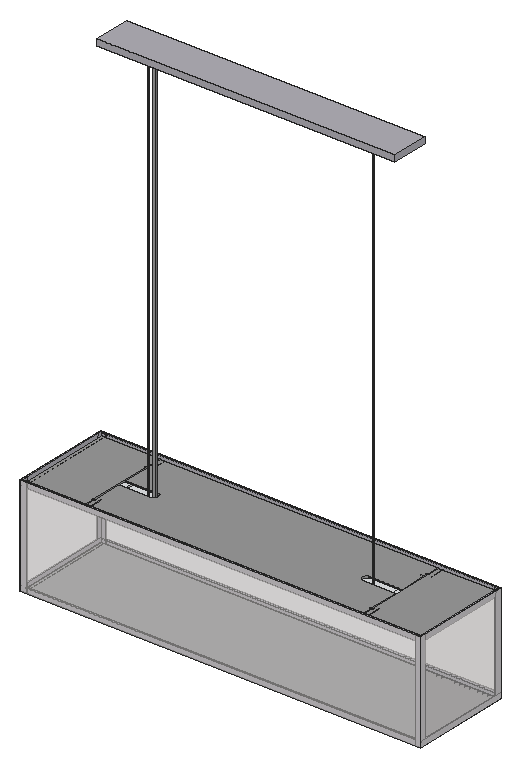
Revit family "Lighting - Lumetta - Pendant - P1248-P1244", category Lighting Fixtures, host Ceiling, Revit 2015
Parameters
  Wattage = 12.1178 W
  built-in parameter 1150110 = 1 (stored number, unit not read)
  URL = ""
  built-in parameter 1114217 = 1 (stored number, unit not read)
  Top Lens-Material [instance] = Acrylic - 2447 - White
  Top Lens [instance] = yes
  built-in parameter 1150109 = 1 (stored number, unit not read)
  built-in parameter 1150134 = (empty or 0)
  Suspension [instance] = 1
  built-in parameter 1150113 = 1 (stored number, unit not read)
  P1248 URL [instance] = "https://lumetta.com/luminaires/streamline-simple-48-pendant/"
  P1244 URL [instance] = "https://lumetta.com/luminaires/streamline-48-pendant/"
  P1248 (Check for wrap - P1244) [instance] = no
  Model = "P1248-P1244"  # constant formula
  Manufacturer = "Lumetta, Inc."  # constant formula
  Lumens = 1800 lm
  built-in parameter 1150115 = 1 (stored number, unit not read)
  built-in parameter 1150105 = 143.24 (stored number, unit not read)
  Light Source Symbol Size = 0' - 1"
  built-in parameter 1150137 = (empty or 0)
  built-in parameter 1150139 = (empty or 0)
  built-in parameter 1150112 = 1 (stored number, unit not read)
  built-in parameter 1150114 = 1 (stored number, unit not read)
  built-in parameter 1150132 = 2
  built-in parameter 1150102 = (empty or 0)
  built-in parameter 1150138 = (empty or 0)
  built-in parameter 1150107 = 3000 (stored number, unit not read)
  built-in parameter 1150106 = 1.4324 (stored number, unit not read)
  Frame Finish [instance] = Paint - Lumetta - F02 - PC_Chrome
  Fixture Drop [instance] = 4' - 0"
  Emit from Line Length = 2' - 10"
  built-in parameter 1150104 = 13.8 (stored number, unit not read)
  Dimming Lamp Color Temperature Shift = (empty or 0)
  Diffuser Material [instance] = Shade - Lumetta - D61 - MT_White
  Description = "Streamline 48'' Pendants"  # constant formula
  Coupling-Stems over 60 inches [instance] = and([2 Stems], Fixture Drop > 5' 0")  # no
  Cord Color [instance] = Cord, Black
  Cone Nut-STD-2-3Wire [instance] = Suspension = 1  # yes
  Color Filter = 16777215
  Bushing-LED-4Wire [instance] = Suspension = 2  # no
  Bottom Lens-Material [instance] = Acrylic - P95 - Etched White
  Bottom Lens [instance] = yes
  built-in parameter 1114218 = 1 (stored number, unit not read)
  built-in parameter 1150133 = 10 (stored number, unit not read)
  2 Stems [instance] = Suspension = 3  # no
  1CRD-2CBL-LED-4Wire [instance] = or(Suspension = 1, Suspension = 2)  # yes
  1 CRD-2CBL-STD [instance] = or(Suspension = 1, Suspension = 2)  # yes
Reference planes (in)
  plane 1 "Light Source Axis (F/B)": y = 0
  plane 2 "Ceiling": z = 96.01773
  plane 3 "Light Source Axis (L/R)": x = 0
  plane 4 "Light Source Elevation": z = 45.39273
  plane 5 "Fixture-Top": z = 48.01773
  plane 6 "Fixture-Height-DIFF-DIFI": z = 36.01773
  plane 7 "Left-Wrap": x = -14.25
  plane 8 "Right-Wrap": x = 14.25
  plane 9 "Lamping Start": z = 47.38052
  plane 10 "Left Stem": x = -14.25
  plane 11 "Right Stem": x = 14.25
  plane 12: x = -12.75
  plane 13: x = 12.75
  plane 14 "Right XBar": x = 16.6875
  plane 15 "Left XBar": x = -16.6875
  plane 16 "Left Cable": x = -13.5
  plane 17 "Right Cable": x = 13.5
  plane 18 "Frame Length-Left": x = -24
  plane 19 "Frame Length-Right": x = 24
  plane 20 "Frame Width-TOP": y = 6
  plane 21 "Frame Width-BTM": y = -6
  plane 22 "Outer Frame-Left": x = -42
  plane 23 "Outer Frame-Right": x = 42
  plane 24 "Outer Frame-Top": y = 18
  plane 25 "Outer Frame-BTM": y = -18
  plane 26 "Fixture-Height-DIFO": z = 37.01773
Forms (in)
  Extrusion 1, solid, material "Paint - Lumetta - F02 - PC_Chrome" <- "Frame Finish"
    sketch origin (0, 0, 96.01773) x (1, 0, 0) y (0, 1, 0)
      loop
        line (-17.875, -2.25) -> (17.875, -2.25) -> (17.875, 2.25) -> (-17.875, 2.25) -> (-17.875, -2.25)
    from 0 to -0.75
  Extrusion 2, solid, material "Paint - Lumetta - F02 - PC_Chrome" <- "Frame Finish"
    sketch origin (0, 0, 48.01773) x (0, -1, 0) y (1, 0, 0)
      loop
        line (-6, -24) -> (6, -24) -> (6, 24) -> (-6, 24) -> (-6, -24)
      loop
        line (-5.5, -23.5) -> (5.5, -23.5) -> (5.5, 23.5) -> (-5.5, 23.5) -> (-5.5, -23.5)
    from 0 to -0.63721
  Extrusion 3, void
    sketch origin (0, 0, 48.01773) x (0, -1, 0) y (1, 0, 0)
      loop
        line (-5.875, -23.875) -> (5.875, -23.875) -> (5.875, 23.875) -> (-5.875, 23.875) -> (-5.875, -23.875)
      loop
        line (-5.5, -23.375) -> (5.5, -23.375) -> (5.5, 23.375) -> (-5.5, 23.375) -> (-5.5, -23.375)
    from 0 to -0.51221
  Extrusion 4, solid, material "Paint - Lumetta - F02 - PC_Chrome" <- "Frame Finish"
    sketch origin (0, 0, 36.01773) x (-1, 0, 0) y (0, -1, 0)
      loop
        line (24, -6) -> (24, 6) -> (-24, 6) -> (-24, -6) -> (24, -6)
      loop
        line (23.5, -5.5) -> (23.5, 5.5) -> (-23.5, 5.5) -> (-23.5, -5.5) -> (23.5, -5.5)
    from 0 to 0.61415
  Extrusion 5, void
    sketch origin (0, 0, 36.01773) x (-1, 0, 0) y (0, -1, 0)
      loop
        line (23.875, -5.875) -> (23.875, 5.875) -> (-23.875, 5.875) -> (-23.875, -5.875) -> (23.875, -5.875)
      loop
        line (23.375, -5.5) -> (23.375, 5.5) -> (-23.5, 5.5) -> (-23.5, -5.5) -> (23.375, -5.5)
    from 0.11313 to 0.64163
  Extrusion 6, solid, material "Paint - Lumetta - F02 - PC_Chrome" <- "Frame Finish"
    sketch origin (0, 0, 36.01773) x (0, -1, 0) y (1, 0, 0)
      loop
        line (-6, 24) -> (-6, 23.375) -> (-5.875, 23.375) -> (-5.875, 23.875) -> (-5.375, 23.875) -> (-5.375, 24) -> (-6, 24)
      loop
        line (-6, -24) -> (-5.375, -24) -> (-5.375, -23.875) -> (-5.875, -23.875) -> (-5.875, -23.375) -> (-6, -23.375) -> (-6, -24)
      loop
        line (6, -24) -> (6, -23.375) -> (5.875, -23.375) -> (5.875, -23.875) -> (5.375, -23.875) -> (5.375, -24) -> (6, -24)
      loop
        line (6, 24) -> (5.375, 24) -> (5.375, 23.875) -> (5.875, 23.875) -> (5.875, 23.375) -> (6, 23.375) -> (6, 24)
    from 0 to 12
  Extrusion 7, solid, material "Paint - Lumetta - F02 - PC_Chrome" <- "Frame Finish"
    sketch origin (0, 0, 48.01773) x (0, -1, 0) y (1, 0, 0)
      loop
        line (-3.7499, -17.1875) -> (-3.7499, -16.1875) -> (-5.9219, -16.1875) -> (-5.9219, -17.1875) -> (-3.7499, -17.1875)
      loop
        line (-3.7499, 17.1875) -> (-5.9219, 17.1875) -> (-5.9219, 16.1875) -> (-3.7499, 16.1875) -> (-3.7499, 17.1875)
      loop
        circle (-4.2499, -16.6875) r 0.10889
      loop
        circle (-4.2499, 16.6875) r 0.10785
      loop
        line (3.7499, -17.1875) -> (5.9219, -17.1875) -> (5.9219, -16.1875) -> (3.7499, -16.1875) -> (3.7499, -17.1875)
      loop
        line (3.7499, 17.1875) -> (3.7499, 16.1875) -> (5.9219, 16.1875) -> (5.9219, 17.1875) -> (3.7499, 17.1875)
      loop
        circle (4.2499, -16.6875) r 0.10889
      loop
        circle (4.2499, 16.6875) r 0.10785
    from -0.4375 to -0.5
  Extrusion 8, solid, material "Paint - Lumetta - F02 - PC_Chrome" <- "Frame Finish"
    sketch origin (0, 0, 96.01773) x (1, 0, 0) y (0, 1, 0)
      loop
        circle (-10, 0) r 0.31122
      loop
        circle (10, 0) r 0.31356
    from -0.8125 to -1.1875
  Extrusion 9, solid, material "Paint - Lumetta - F02 - PC_Chrome" <- "Frame Finish", visible <- "2 Stems"
    sketch origin (18, 0.5, 96.01773) x (1, 0, 0) y (0, 1, 0)
      loop
        line (-36, -2.875) -> (0, -2.875) -> (0, 1.875) -> (-36, 1.875) -> (-36, -2.875)
    from -0.8125 to -0.75
  Revolve 10, solid, material "Paint - Lumetta - F02 - PC_Chrome" <- "Frame Finish", visible <- "Cone Nut-STD-2-3Wire"
    sketch origin (0, 0, 0) x (1, 0, 0) y (0, 0, 1)
      loop
        line (-12.75, 95.20523) -> (-12.75, 94.70523) -> (-12.46878, 94.70523) -> (-12.37659, 95.20523) -> (-12.75, 95.20523)
      axis (-12.75, 94.70523) -> (-12.75, 95.20523)
    angle from 0 to 360
  Extrusion 11, solid, material "Paint - Lumetta - F11 - PC_White"
    sketch origin (0, 0, 24.01773) x (0, -1, 0) y (1, 0, 0)
      loop
        line (-4.88315, -17.3125) -> (4.86685, -17.3125) -> (4.86685, -16.0625) -> (-4.88315, -16.0625) -> (-4.88315, -17.3125)
      loop
        line (-4.88315, 16.0625) -> (4.86685, 16.0625) -> (4.86685, 17.3125) -> (-4.88315, 17.3125) -> (-4.88315, 16.0625)
      loop
        circle (-4.25033, -16.6875) r 0.10889
      loop
        circle (4.25033, -16.6875) r 0.10889
      loop
        circle (4.2499, 16.6875) r 0.10785
      loop
        circle (-4.2499, 14.25) r 0.10785
    from 23.36279 to 23.24028
  Extrusion 12, solid, material "Paint - Lumetta - F11 - PC_White"
    sketch origin (0, 0, 47.38052) x (-1, 0, 0) y (0, -1, 0)
      loop
        line (18.1875, -1.54) -> (18.1875, 1.54) -> (-18.1875, 1.54) -> (-18.1875, -1.54) -> (18.1875, -1.54)
    from -0.1225 to -1.375
  Extrusion 13, solid, material "Cord, Black" <- "Cord Color", visible <- "1 CRD-2CBL-STD"
    sketch origin (0, 0, 96.01773) x (1, 0, 0) y (0, 1, 0)
      loop
        circle (-12.75, 0) r 0.1566
    from -0.75 to -48.63721
  Extrusion 14, solid, material "Steel, Galvanized", visible <- "1 CRD-2CBL-STD"
    sketch origin (0, 0, 96.01773) x (1, 0, 0) y (0, 1, 0)
      loop
        circle (-13.5, 0) r 0.03252
      loop
        circle (13.5, 0) r 0.03265
    from -0.75 to -48.63721
  Extrusion 15, solid, material "Paint - Lumetta - F02 - PC_Chrome" <- "Frame Finish", visible <- "2 Stems"
    sketch origin (0, 0, 96.01773) x (1, 0, 0) y (0, 1, 0)
      loop
        circle (-14.25, 0) r 0.25
      loop
        circle (14.25, 0) r 0.25
    from 0 to -48.63721
  Revolve 16, solid, material "Paint - Lumetta - F02 - PC_Chrome" <- "Frame Finish", visible <- "2 Stems"
    sketch origin (0, 0, 0) x (1, 0, 0) y (0, 0, 1)
      loop
        line (-14.25, 95.04898) -> (-13.95148, 95.04898)
        arc (-13.95148, 95.04898) -> (-13.71866, 95.4096) -> (-13.64788, 95.83298) r 1.06037
        line (-13.64788, 95.83298) -> (-14.25, 95.83298) -> (-14.25, 95.04898)
      axis (-14.25, 95.04898) -> (-14.25, 95.83298)
    angle from 0 to 360
  Revolve 17, solid, material "Paint - Lumetta - F02 - PC_Chrome" <- "Frame Finish", visible <- "Coupling-Stems over 60 inches"
    sketch origin (0, 0, 0) x (1, 0, 0) y (0, 0, 1)
      loop
        line (-14.25, 108.01773) -> (-13.95764, 108.01773)
        arc (-13.95764, 108.01773) -> (-13.90786, 108.0585) -> (-13.93801, 108.11534) r 0.05078
        arc (-13.93801, 108.11534) -> (-13.90686, 108.28335) -> (-13.93801, 108.45137) r 0.46875
        arc (-13.93801, 108.45137) -> (-13.90786, 108.50821) -> (-13.95764, 108.54898) r 0.05078
        line (-13.95764, 108.54898) -> (-14.25, 108.54898) -> (-14.25, 108.01773)
      axis (-14.25, 108.54898) -> (-14.25, 108.01773)
    angle from 0 to 360
  Revolve 18, solid, material "Paint - Lumetta - F02 - PC_Chrome" <- "Frame Finish", visible <- "Coupling-Stems over 60 inches"
    sketch origin (0, 0, 0) x (-1, 0, 0) y (0, 0, 1)
      loop
        line (-14.25, 108.01773) -> (-13.9562, 108.01773)
        arc (-13.9562, 108.01773) -> (-13.90642, 108.0585) -> (-13.93657, 108.11534) r 0.05078
        arc (-13.93657, 108.11534) -> (-13.90542, 108.28335) -> (-13.93657, 108.45137) r 0.46875
        arc (-13.93657, 108.45137) -> (-13.90642, 108.50821) -> (-13.9562, 108.54898) r 0.05078
        line (-13.9562, 108.54898) -> (-14.25, 108.54898) -> (-14.25, 108.01773)
      axis (-14.25, 108.54898) -> (-14.25, 108.01773)
    angle from 0 to 360
  Extrusion 19, solid, material "Paint - Lumetta - F02 - PC_Chrome" <- "Frame Finish", visible <- "P1248 (Check for wrap - P1244)"
    sketch origin (-14.25, 0, 0) x (0, 0, -1) y (0, -1, 0)
      loop
        line (-48.01773, 6.09375) -> (-35.89273, 6.09375) -> (-35.89273, -6.09375) -> (-48.01773, -6.09375) -> (-48.01773, -6.59375) -> (-35.39273, -6.59375) -> (-35.39273, 6.59375) -> (-48.01773, 6.59375) -> (-48.01773, 6.09375)
    from -1 to 1
  Revolve 20, solid, material "Paint - Lumetta - F02 - PC_Chrome" <- "Frame Finish", visible <- "2 Stems"
    sketch origin (0, 0, 0) x (-1, 0, 0) y (0, 0, 1)
      loop
        line (-14.25, 95.04898) -> (-13.95148, 95.04898)
        arc (-13.95148, 95.04898) -> (-13.70187, 95.31397) -> (-13.64788, 95.67398) r 0.60938
        line (-13.64788, 95.67398) -> (-14.25, 95.67398) -> (-14.25, 95.04898)
      axis (-14.25, 95.04898) -> (-14.25, 95.67398)
    angle from 0 to 360
  Extrusion 21, solid, material "Paint - Lumetta - F02 - PC_Chrome" <- "Frame Finish", visible <- "Bushing-LED-4Wire"
    sketch origin (0, 0, 96.01773) x (1, 0, 0) y (0, 1, 0)
      loop
        circle (-12.75, 0) r 0.37341
      loop
        circle (-12.75, 0) r 0.25
    from -0.91406 to -0.8125
  Extrusion 22, solid, material "Paint - Lumetta - F02 - PC_Chrome" <- "Frame Finish", visible <- "P1248 (Check for wrap - P1244)"
    sketch origin (14.25, 0, 0) x (0, 0, 1) y (0, -1, 0)
      loop
        line (48.01773, 6.09375) -> (48.01773, 6.59375) -> (35.39273, 6.59375) -> (35.39273, -6.59375) -> (48.01773, -6.59375) -> (48.01773, -6.09375) -> (35.89273, -6.09375) -> (35.89273, 6.09375) -> (48.01773, 6.09375)
    from -1 to 1
  Extrusion 23, solid, material "Shade - Lumetta - D61 - MT_White" <- "Diffuser Material"
    sketch origin (0, 0, 48.01773) x (0, -1, 0) y (1, 0, 0)
      loop
        line (-6, -24) -> (6, -24) -> (6, 24) -> (-6, 24) -> (-6, -24)
      loop
        line (6.0625, -24.0625) -> (6.0625, 24.0625) -> (-6.0625, 24.0625) -> (-6.0625, -24.0625) -> (6.0625, -24.0625)
    from -12 to 0
  Extrusion 24, solid, material "Acrylic - 2447 - White" <- "Top Lens-Material", visible <- "Top Lens"
    sketch origin (0, 0, 48.01773) x (0, -1, 0) y (1, 0, 0)
      loop
        line (-5.75, -23.75) -> (5.75, -23.75) -> (5.75, -16.75) -> (4.42172, -16.75)
        arc (4.42172, -16.75) -> (4.25, -16.87024) -> (4.07828, -16.75) r 0.18274
        line (4.07828, -16.75) -> (-4.07828, -16.75)
        arc (-4.07828, -16.75) -> (-4.25, -16.87024) -> (-4.42172, -16.75) r 0.18274
        line (-4.42172, -16.75) -> (-5.75, -16.75) -> (-5.75, -23.75)
      loop
        line (-5.75, -16.625) -> (-4.42172, -16.625)
        arc (-4.42172, -16.625) -> (-4.25, -16.50476) -> (-4.07828, -16.625) r 0.18274
        line (-4.07828, -16.625) -> (-0.5, -16.625) -> (-0.5, -12.75)
        arc (-0.5, -12.75) -> (0, -12.25) -> (0.5, -12.75) r 0.5
        line (0.5, -12.75) -> (0.5, -16.625) -> (4.07828, -16.625)
        arc (4.07828, -16.625) -> (4.25, -16.50476) -> (4.42172, -16.625) r 0.18274
        line (4.42172, -16.625) -> (5.75, -16.625) -> (5.75, 16.625) -> (4.42172, 16.625)
        arc (4.42172, 16.625) -> (4.25, 16.50476) -> (4.07828, 16.625) r 0.18274
        line (4.07828, 16.625) -> (0.5, 16.625) -> (0.5, 12.75)
        arc (0.5, 12.75) -> (0, 12.25) -> (-0.5, 12.75) r 0.5
        line (-0.5, 12.75) -> (-0.5, 16.625) -> (-4.07828, 16.625)
        arc (-4.07828, 16.625) -> (-4.25, 16.50476) -> (-4.42172, 16.625) r 0.18274
        line (-4.42172, 16.625) -> (-5.75, 16.625) -> (-5.75, -16.625)
      loop
        line (-5.75, 23.75) -> (-5.75, 16.75) -> (-4.42172, 16.75)
        arc (-4.42172, 16.75) -> (-4.25, 16.87024) -> (-4.07828, 16.75) r 0.18274
        line (-4.07828, 16.75) -> (4.07828, 16.75)
        arc (4.07828, 16.75) -> (4.25, 16.87024) -> (4.42172, 16.75) r 0.18274
        line (4.42172, 16.75) -> (5.75, 16.75) -> (5.75, 23.75) -> (-5.75, 23.75)
    from -0.51221 to -0.38301
  Extrusion 25, solid, material "Acrylic - P95 - Etched White" <- "Bottom Lens-Material", visible <- "Bottom Lens"
    sketch origin (0, 0, 36.01773) x (-1, 0, 0) y (0, -1, 0)
      loop
        line (23.75, -5.75) -> (23.75, 5.75) -> (-23.75, 5.75) -> (-23.75, -5.75) -> (23.75, -5.75)
    from 0.0625 to 0.1875
Cuts and joins
  Extrusion 3, Extrusion 5 cuts Extrusion 2
  Extrusion 5 cuts Extrusion 4
Dimensions and locks (in)
  equal spacing: host sketch curve, plane 3 "Light Source Axis (L/R)", host sketch curve
  equal spacing: host sketch curve, plane 1 "Light Source Axis (F/B)", host sketch curve
  host sketch curve to host sketch curve = 10' - 0"  (x2)
  locked: plane 5 "Fixture-Top" to plane 4 "Light Source Elevation" at 2.625
  "Fixture Drop": plane 2 "Ceiling" to plane 5 "Fixture-Top"
  plane 5 "Fixture-Top" to plane 6 "Fixture-Height-DIFF-DIFI" = 1' - 0"
  locked: Extrusion 9 to Revolve 10 sketch curve at 0.5
  locked: Extrusion 11 sketch curve to Extrusion 11 sketch curve at 1.25  (x2)
  plane 1 "Light Source Axis (F/B)" to Extrusion 11 sketch curve = 0' - 4.88315"
  Extrusion 11 sketch curve to Extrusion 11 sketch curve = 0' - 9 3/4"
  locked: imposter light to Extrusion 12 sketch curve at 1.54
  locked: plane 1 "Light Source Axis (F/B)" to Extrusion 12 sketch curve at 1.54
  locked: Extrusion 9 to Revolve 16 sketch curve at 0.15625
  Revolve 17 sketch curve to level = 9' - 0.01773"
  locked: Revolve 17 sketch curve to Revolve 17 sketch curve at 0.53125
  locked: Revolve 17 sketch curve to Revolve 17 sketch curve at 0.26563
  locked: Revolve 17 sketch curve to Revolve 17 sketch curve at 0.05078  (x2)
  locked: Revolve 18 sketch curve to Revolve 18 sketch curve at 0.53125
  locked: Revolve 18 sketch curve to Revolve 18 sketch curve at 0.26563
  locked: Revolve 18 sketch curve to Revolve 18 sketch curve at 0.05078  (x2)
  Extrusion 19 sketch curve to Extrusion 19 sketch curve = 0' - 0 1/2"
  locked: Extrusion 19 sketch curve to Extrusion 19 sketch curve at 0.5  (x2)
  locked: Extrusion 21 sketch curve to plane 3 "Light Source Axis (L/R)" at 12.75  (x2)
  locked: Extrusion 22 sketch curve to Extrusion 22 sketch curve at 0.5  (x3)
  Extrusion 19 to plane 1 "Light Source Axis (F/B)" = 0' - 6 3/32"
  plane 1 "Light Source Axis (F/B)" to Extrusion 19 = 0' - 6 3/32"
  locked: Revolve 18 sketch curve to plane 5 "Fixture-Top" at 60
  locked: Revolve 17 sketch curve to plane 5 "Fixture-Top" at 60
  plane 5 "Fixture-Top" to plane 9 "Lamping Start" = 0' - 0.63721"
  locked: plane 9 "Lamping Start" to Extrusion 12 at 1.375
  locked: cut or joined group of Extrusion 2, Extrusion 3, Extrusion 5 to Extrusion 23 sketch curve at 0.0625
  locked: cut or joined group of Extrusion 4, Extrusion 5 to plane 6 "Fixture-Height-DIFF-DIFI" at 0.11313
  locked: cut or joined group of Extrusion 4, Extrusion 5 to plane 6 "Fixture-Height-DIFF-DIFI" at 0.61415
  cut or joined group of Extrusion 2, Extrusion 3, Extrusion 5 to plane 9 "Lamping Start" = 0' - 0 1/8"
  locked: Extrusion 24 to cut or joined group of Extrusion 2, Extrusion 3, Extrusion 5 at 0.1292
  equal spacing: Extrusion 14 sketch curve, plane 3 "Light Source Axis (L/R)", Extrusion 14 sketch curve
  plane 3 "Light Source Axis (L/R)" to Revolve 10 sketch curve = 1' - 0 3/4"
  equal spacing: Extrusion 8 sketch curve, plane 3 "Light Source Axis (L/R)", Extrusion 8 sketch curve
  Extrusion 8 sketch curve to Extrusion 8 sketch curve = 1' - 8"
  equal spacing: Extrusion 24 sketch curve, plane 3 "Light Source Axis (L/R)", Extrusion 24 sketch curve
  locked: Extrusion 13 sketch curve to plane 3 "Light Source Axis (L/R)" at 12.75
  plane 3 "Light Source Axis (L/R)" to Extrusion 15 sketch curve = 1' - 2 1/4"
  plane 3 "Light Source Axis (L/R)" to Revolve 18 sketch curve = 1' - 2 1/4"
  locked: Revolve 16 sketch curve to plane 10 "Left Stem" at 0
  locked: Revolve 16 sketch curve to Revolve 16 sketch curve at 0.45748
  locked: plane 11 "Right Stem" to Revolve 20 sketch curve at 0  (x2)
  locked: Revolve 20 sketch curve to plane 11 "Right Stem" at 0
  locked: Revolve 17 sketch curve to plane 10 "Left Stem" at 0  (x2)
  locked: Revolve 17 sketch curve to plane 10 "Left Stem" at 0.29236  (x2)
  locked: plane 10 "Left Stem" to Revolve 17 sketch curve at 0.12561
  locked: Revolve 18 sketch curve to plane 11 "Right Stem" at 0  (x2)
  locked: plane 11 "Right Stem" to Revolve 18 sketch curve at 0.2938  (x2)
  locked: Revolve 18 sketch curve to plane 11 "Right Stem" at 0.12417
  locked: plane 12 to Revolve 10 sketch curve at 0
  Revolve 10 sketch curve to plane 12 = 0' - 0"
  locked: Revolve 10 sketch curve to plane 12 at 0.37341
  locked: Revolve 10 sketch curve to plane 12 at 0.28122
  locked: plane 3 "Light Source Axis (L/R)" to plane 12 at 12.75
  equal spacing: plane 13, plane 3 "Light Source Axis (L/R)", plane 12
  locked: Extrusion 24 sketch curve to plane 3 "Light Source Axis (L/R)" at 12.75
  locked: plane 9 "Lamping Start" to Extrusion 12 at 0.1225
  equal spacing: plane 15 "Left XBar", plane 3 "Light Source Axis (L/R)", plane 14 "Right XBar"
  locked: plane 15 "Left XBar" to plane 14 "Right XBar" at 33.375
  equal spacing: plane 16 "Left Cable", plane 3 "Light Source Axis (L/R)", plane 17 "Right Cable"
  locked: plane 16 "Left Cable" to plane 17 "Right Cable" at 27
  locked: Extrusion 14 sketch curve to plane 16 "Left Cable" at 0
  equal spacing: plane 7 "Left-Wrap", plane 3 "Light Source Axis (L/R)", plane 8 "Right-Wrap"
  plane 7 "Left-Wrap" to plane 8 "Right-Wrap" = 2' - 4 1/2"
  equal spacing: plane 10 "Left Stem", plane 3 "Light Source Axis (L/R)", plane 11 "Right Stem"
  locked: plane 10 "Left Stem" to plane 11 "Right Stem" at 28.5
  equal spacing: plane 18 "Frame Length-Left", plane 3 "Light Source Axis (L/R)", plane 19 "Frame Length-Right"
  locked: plane 18 "Frame Length-Left" to plane 19 "Frame Length-Right" at 48
  equal spacing: plane 20 "Frame Width-TOP", plane 1 "Light Source Axis (F/B)", plane 21 "Frame Width-BTM"
  locked: plane 20 "Frame Width-TOP" to plane 21 "Frame Width-BTM" at 12
  equal spacing: plane 22 "Outer Frame-Left", plane 3 "Light Source Axis (L/R)", plane 23 "Outer Frame-Right"
  equal spacing: plane 25 "Outer Frame-BTM", plane 1 "Light Source Axis (F/B)", plane 24 "Outer Frame-Top"
  locked: plane 22 "Outer Frame-Left" to plane 23 "Outer Frame-Right" at 84
  locked: plane 24 "Outer Frame-Top" to plane 25 "Outer Frame-BTM" at 36
  locked: Extrusion 6 sketch curve to plane 18 "Frame Length-Left" at 0  (x2)
  locked: Extrusion 6 sketch curve to plane 20 "Frame Width-TOP" at 0  (x2)
  locked: Extrusion 6 sketch curve to plane 21 "Frame Width-BTM" at 0  (x2)
  locked: Extrusion 6 sketch curve to plane 19 "Frame Length-Right" at 0  (x2)
  locked: Extrusion 6 sketch curve to plane 19 "Frame Length-Right" at 0.625  (x2)
  locked: Extrusion 6 sketch curve to plane 20 "Frame Width-TOP" at 0.625
  locked: Extrusion 6 sketch curve to plane 21 "Frame Width-BTM" at 0.625
  locked: plane 18 "Frame Length-Left" to Extrusion 6 sketch curve at 0.625  (x2)
  locked: plane 20 "Frame Width-TOP" to Extrusion 6 sketch curve at 0.625
  locked: plane 21 "Frame Width-BTM" to Extrusion 6 sketch curve at 0.625
  Extrusion 23 to plane 19 "Frame Length-Right" = 0' - 0"
  locked: plane 19 "Frame Length-Right" to Extrusion 2 sketch curve
  locked: Extrusion 2 sketch curve to plane 20 "Frame Width-TOP" at 0
  locked: Extrusion 2 sketch curve to plane 21 "Frame Width-BTM" at 0
  locked: plane 18 "Frame Length-Left" to Extrusion 5 sketch curve at 0.125
  locked: Extrusion 5 sketch curve to Extrusion 5 sketch curve at 0.5
  locked: Extrusion 5 sketch curve to plane 19 "Frame Length-Right" at 0.125
  locked: Extrusion 5 sketch curve to plane 19 "Frame Length-Right" at 0.5
  locked: plane 18 "Frame Length-Left" to Extrusion 2 sketch curve
  locked: Extrusion 2 sketch curve to Extrusion 2 sketch curve at 0.5
  locked: plane 18 "Frame Length-Left" to Extrusion 3 sketch curve at 0.125
  locked: Extrusion 3 sketch curve to Extrusion 3 sketch curve at 0.5  (x2)
  locked: Extrusion 3 sketch curve to plane 19 "Frame Length-Right" at 0.125
  locked: plane 18 "Frame Length-Left" to Extrusion 4 sketch curve
  locked: Extrusion 4 sketch curve to Extrusion 4 sketch curve at 0.5  (x2)
  locked: Extrusion 4 sketch curve to plane 19 "Frame Length-Right"
  locked: Extrusion 25 sketch curve to plane 19 "Frame Length-Right" at 0.25
  locked: Extrusion 25 sketch curve to plane 20 "Frame Width-TOP" at 0.25
  locked: Extrusion 25 sketch curve to plane 21 "Frame Width-BTM" at 0.25
  locked: plane 18 "Frame Length-Left" to Extrusion 25 sketch curve at 0.25
  locked: Extrusion 23 sketch curve to cut or joined group of Extrusion 2, Extrusion 3, Extrusion 5 at 0.0625  (x3)
  locked: plane 18 "Frame Length-Left" to Extrusion 24 sketch curve at 0.25
  locked: Extrusion 24 sketch curve to plane 20 "Frame Width-TOP" at 0.25  (x2)
  locked: Extrusion 24 sketch curve to plane 21 "Frame Width-BTM" at 0.25  (x2)
  locked: plane 20 "Frame Width-TOP" to Extrusion 24 sketch curve at 0.25
  locked: plane 21 "Frame Width-BTM" to Extrusion 24 sketch curve at 0.25
  locked: Extrusion 24 sketch curve to plane 19 "Frame Length-Right" at 0.25
  locked: Extrusion 19 sketch curve to plane 20 "Frame Width-TOP" at 0.09375
  locked: plane 21 "Frame Width-BTM" to Extrusion 19 sketch curve at 0.09375
  locked: plane 6 "Fixture-Height-DIFF-DIFI" to Extrusion 19 sketch curve at 0.125
  locked: Extrusion 22 sketch curve to plane 20 "Frame Width-TOP" at 0.09375
  locked: plane 21 "Frame Width-BTM" to Extrusion 22 sketch curve at 0.09375
  locked: plane 6 "Fixture-Height-DIFF-DIFI" to Extrusion 22 sketch curve at 0.125
  equal spacing: Extrusion 9 sketch curve, plane 1 "Light Source Axis (F/B)", Extrusion 9 sketch curve
  equal spacing: Extrusion 9 sketch curve, plane 3 "Light Source Axis (L/R)", Extrusion 9 sketch curve
  locked: Extrusion 9 sketch curve to Extrusion 9 sketch curve at 36
  locked: Extrusion 9 sketch curve to Extrusion 9 sketch curve at 4.75
  locked: Extrusion 9 to Extrusion 1 sketch curve at 0.125  (x3)
  locked: Extrusion 1 sketch curve to Extrusion 9 at 0.125
  locked: Extrusion 7 sketch curve to Extrusion 7 sketch curve at 2.172  (x4)
  locked: Extrusion 7 sketch curve to Extrusion 7 sketch curve at 0.5  (x4)
  locked: Extrusion 7 sketch curve to plane 15 "Left XBar" at 0  (x2)
  locked: Extrusion 7 sketch curve to plane 14 "Right XBar" at 0  (x2)
  equal spacing: Extrusion 7 sketch curve, plane 15 "Left XBar", Extrusion 7 sketch curve  (x2)
  equal spacing: Extrusion 7 sketch curve, plane 14 "Right XBar", Extrusion 7 sketch curve  (x2)
  locked: Extrusion 7 sketch curve to plane 15 "Left XBar" at 0.5  (x2)
  locked: plane 14 "Right XBar" to Extrusion 7 sketch curve at 0.5  (x2)
  locked: Extrusion 7 sketch curve to plane 20 "Frame Width-TOP" at 0.0781
  locked: plane 21 "Frame Width-BTM" to Extrusion 7 sketch curve at 0.0781
  locked: Extrusion 7 sketch curve to plane 21 "Frame Width-BTM" at 0.0781
  locked: plane 20 "Frame Width-TOP" to Extrusion 7 sketch curve at 0.0781
  locked: Extrusion 11 sketch curve to plane 20 "Frame Width-TOP" at 1.11685  (x2)
  locked: Extrusion 11 sketch curve to plane 21 "Frame Width-BTM" at 1.13315  (x2)
  Extrusion 11 sketch curve to Extrusion 11 sketch curve = 0' - 0.61695"
  locked: Extrusion 11 sketch curve to plane 15 "Left XBar" at 0  (x2)
  locked: Extrusion 11 sketch curve to plane 14 "Right XBar" at 0
  locked: Extrusion 23 to plane 6 "Fixture-Height-DIFF-DIFI" at 0
  locked: Extrusion 6 to plane 6 "Fixture-Height-DIFF-DIFI" at 0
  locked: Extrusion 15 sketch curve to plane 10 "Left Stem"
  locked: plane 11 "Right Stem" to Extrusion 15 sketch curve
  Extrusion 24 sketch curve to Extrusion 24 sketch curve = 0' - 8 1/2"  (x4)
  equal spacing: Extrusion 24 sketch curve, plane 1 "Light Source Axis (F/B)", Extrusion 24 sketch curve  (x3)
  equal spacing: Extrusion 24 sketch curve, imposter light, Extrusion 24 sketch curve
  equal spacing: Extrusion 11 sketch curve, plane 1 "Light Source Axis (F/B)", Extrusion 11 sketch curve
  locked: Extrusion 11 sketch curve to Extrusion 11 sketch curve at 0.63325
  equal spacing: Extrusion 11 sketch curve, imposter light, Extrusion 11 sketch curve
  locked: Extrusion 11 sketch curve to Extrusion 11 sketch curve at 0.63281
  equal spacing: Extrusion 11 sketch curve, plane 14 "Right XBar", Extrusion 11 sketch curve
  equal spacing: Extrusion 11 sketch curve, plane 15 "Left XBar", Extrusion 11 sketch curve
  locked: Extrusion 12 sketch curve to plane 15 "Left XBar" at 1.5
  locked: plane 14 "Right XBar" to Extrusion 12 sketch curve at 1.5
  aligned and locked: plane 3 "Light Source Axis (L/R)" to imposter light
  aligned and locked: plane 1 "Light Source Axis (F/B)" to imposter light
  aligned and locked: plane 4 "Light Source Elevation" to imposter light
  aligned and locked: Extrusion 13 to Extrusion 1
  aligned and locked: plane 2 "Ceiling" to Extrusion 15
  aligned and locked: Extrusion 19 sketch curve to plane 5 "Fixture-Top"
  aligned and locked: Extrusion 22 sketch curve to plane 5 "Fixture-Top"  (x2)
  aligned and locked: Extrusion 13 to plane 9 "Lamping Start"
  aligned and locked: Extrusion 14 to plane 9 "Lamping Start"
  aligned and locked: cut or joined group of Extrusion 2, Extrusion 3, Extrusion 5 to Extrusion 19
  aligned and locked: Extrusion 15 to Extrusion 13
  aligned and locked: Extrusion 4 to plane 6 "Fixture-Height-DIFF-DIFI"
  aligned and locked: cut or joined group of Extrusion 2, Extrusion 3, Extrusion 5 to Extrusion 5 sketch curve  (x2)
  aligned and locked: cut or joined group of Extrusion 2, Extrusion 3, Extrusion 5 to Extrusion 24
  aligned and locked: Extrusion 2 to plane 9 "Lamping Start"
  aligned and locked: Extrusion 11 to Extrusion 12
  aligned and locked: Extrusion 11 to cut or joined group of Extrusion 2, Extrusion 3, Extrusion 5
  aligned and locked: plane 18 "Frame Length-Left" to Extrusion 23 sketch curve
  aligned and locked: Extrusion 23 sketch curve to plane 20 "Frame Width-TOP"
  aligned and locked: Extrusion 23 sketch curve to plane 19 "Frame Length-Right"
  aligned and locked: plane 21 "Frame Width-BTM" to Extrusion 23 sketch curve
  aligned and locked: Extrusion 6 to plane 5 "Fixture-Top"
Automatic sketch dimensions
  plane 1 "Light Source Axis (F/B)" to Extrusion 13 sketch curve = 0' - 0"
  plane 1 "Light Source Axis (F/B)" to Extrusion 14 sketch curve = 0' - 0"  (x2)
  plane 1 "Light Source Axis (F/B)" to Extrusion 15 sketch curve = 0' - 0"  (x2)
  Revolve 17 sketch curve to Revolve 17 sketch curve = 0' - 0.01964"
  plane 2 "Ceiling" to Revolve 17 sketch curve = 0' - 4 17/32"
  Revolve 17 sketch curve to Revolve 17 sketch curve = 0' - 0"
  Revolve 18 sketch curve to Revolve 18 sketch curve = 0' - 0.01964"
  Revolve 18 sketch curve to plane 2 "Ceiling" = 0' - 4 17/32"
  Revolve 18 sketch curve to Revolve 18 sketch curve = 0' - 0"
  plane 5 "Fixture-Top" to Extrusion 19 sketch curve = 0' - 0"
  plane 2 "Ceiling" to Revolve 20 sketch curve = 0' - 0 31/32"
  plane 2 "Ceiling" to Revolve 20 sketch curve = 0' - 0 7/16"
  Revolve 20 sketch curve to plane 2 "Ceiling" = 0' - 0.53351"
  Revolve 20 sketch curve to Revolve 20 sketch curve = 0' - 2.40399"
  Extrusion 21 sketch curve to Extrusion 21 sketch curve = 0' - 0"
  plane 1 "Light Source Axis (F/B)" to Extrusion 21 sketch curve = 0' - 0"
  Revolve 16 sketch curve to plane 2 "Ceiling" = 0' - 0.18475"
  Revolve 16 sketch curve to Revolve 16 sketch curve = 1' - 1 19/32"
  plane 2 "Ceiling" to Revolve 16 sketch curve = 0' - 2 15/16"
  Revolve 16 sketch curve to plane 10 "Left Stem" = 0' - 0"
  Revolve 16 sketch curve to Revolve 16 sketch curve = 0' - 0.29852"
  Revolve 16 sketch curve to Revolve 16 sketch curve = 0' - 0.60212"
  Revolve 20 sketch curve to Revolve 20 sketch curve = 0' - 0.60212"
  Revolve 20 sketch curve to Revolve 20 sketch curve = 0' - 0.29852"
  Revolve 10 sketch curve to Revolve 10 sketch curve = 0' - 0"
  plane 2 "Ceiling" to Revolve 10 sketch curve = 0' - 2 11/16"
  Extrusion 6 sketch curve to plane 20 "Frame Width-TOP" = 0' - 0 1/8"  (x2)
  plane 21 "Frame Width-BTM" to Extrusion 6 sketch curve = 0' - 0 1/8"  (x2)
  plane 18 "Frame Length-Left" to Extrusion 6 sketch curve = 0' - 0 1/8"  (x2)
  Extrusion 6 sketch curve to plane 19 "Frame Length-Right" = 0' - 0 1/8"
  Extrusion 6 sketch curve to Extrusion 6 sketch curve = 0' - 0 1/8"
  Extrusion 5 sketch curve to plane 20 "Frame Width-TOP" = 0' - 0 1/8"
  plane 21 "Frame Width-BTM" to Extrusion 5 sketch curve = 0' - 0 1/8"
  Extrusion 2 sketch curve to plane 20 "Frame Width-TOP" = 0' - 0 1/2"
  plane 21 "Frame Width-BTM" to Extrusion 2 sketch curve = 0' - 0 1/2"
  Extrusion 2 sketch curve to plane 19 "Frame Length-Right" = 0' - 0 1/2"
  Extrusion 3 sketch curve to plane 20 "Frame Width-TOP" = 0' - 0 1/8"
  Extrusion 3 sketch curve to plane 20 "Frame Width-TOP" = 0' - 0 1/2"
  plane 21 "Frame Width-BTM" to Extrusion 3 sketch curve = 0' - 0 1/2"
  plane 21 "Frame Width-BTM" to Extrusion 3 sketch curve = 0' - 0 1/8"
  Extrusion 4 sketch curve to plane 20 "Frame Width-TOP" = 0' - 0"
  Extrusion 4 sketch curve to plane 21 "Frame Width-BTM" = 0' - 0"
  Extrusion 4 sketch curve to plane 20 "Frame Width-TOP" = 0' - 0 1/2"
  plane 21 "Frame Width-BTM" to Extrusion 4 sketch curve = 0' - 0 1/2"
  Extrusion 24 sketch curve to Extrusion 24 sketch curve = 0' - 0"  (x9)
  Extrusion 24 sketch curve to plane 15 "Left XBar" = 0' - 0"  (x2)
  Extrusion 24 sketch curve to plane 14 "Right XBar" = 0' - 0"  (x2)
  plane 1 "Light Source Axis (F/B)" to Extrusion 24 sketch curve = 0' - 0"  (x2)
  Extrusion 24 sketch curve to plane 14 "Right XBar" = 0' - 0 1/16"  (x4)
  Extrusion 24 sketch curve to plane 1 "Light Source Axis (F/B)" = 0' - 0 1/2"  (x2)
  plane 15 "Left XBar" to Extrusion 24 sketch curve = 0' - 0 1/16"  (x4)
  Extrusion 24 sketch curve to plane 15 "Left XBar" = 0' - 0 1/16"  (x3)
  Extrusion 24 sketch curve to Extrusion 24 sketch curve = 0' - 0.17172"  (x4)
  plane 14 "Right XBar" to Extrusion 24 sketch curve = 0' - 0 1/16"  (x2)
  Revolve 10 sketch curve to Revolve 10 sketch curve = 0' - 0 1/2"
  Extrusion 11 sketch curve to plane 8 "Right-Wrap" = 0' - 0"
  plane 1 "Light Source Axis (F/B)" to Extrusion 8 sketch curve = 0' - 0"  (x2)
  radius of Extrusion 7 sketch curve = 0' - 0.10889"  (x2)
  radius of Extrusion 7 sketch curve = 0' - 0.10785"  (x2)
  radius of Extrusion 13 sketch curve = 0' - 0.1566"
  radius of Extrusion 14 sketch curve = 0' - 0.03252"
  radius of Extrusion 14 sketch curve = 0' - 0.03265"
  radius of Extrusion 15 sketch curve = 0' - 0 1/4"  (x2)
  radius of Extrusion 21 sketch curve = 0' - 0.37341"
  radius of Extrusion 21 sketch curve = 0' - 0 1/4"
  radius of Extrusion 11 sketch curve = 0' - 0.10889"  (x2)
  radius of Extrusion 11 sketch curve = 0' - 0.10785"  (x2)
  radius of Extrusion 8 sketch curve = 0' - 0.31122"
  radius of Extrusion 8 sketch curve = 0' - 0.31356"
